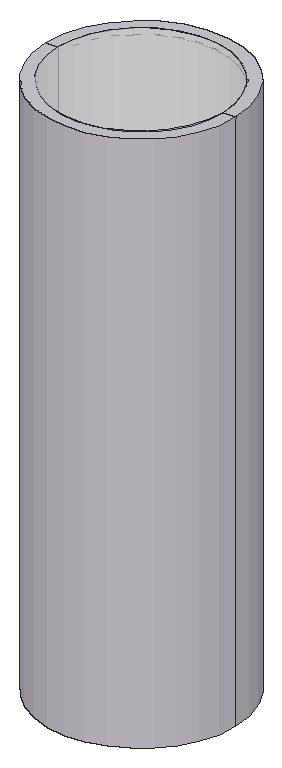
Revit family "Lighting-Surface-Amerlux-Rook 350-475", category Lighting Fixtures, host Face, Revit 2014
Parameters (values of type "3.5"")
  Wattage = 9.2903 W
  built-in parameter 1150110 = 1 (stored number, unit not read)
  Voltage = 120 V
  built-in parameter 1114217 = 1 (stored number, unit not read)
  Tilt Angle = -90.00°
  built-in parameter 1150109 = 1 (stored number, unit not read)
  built-in parameter 1150134 = 3
  built-in parameter 1150113 = 1 (stored number, unit not read)
  Power Factor = 1
  Photometric Web File = "generic"
  Number of Poles = 1
  built-in parameter 1150142 = (empty or 0)
  Model = "Rook 350/475"
  Manufacturer = "Amerlux"
  built-in parameter 1150105 = 109.82 (stored number, unit not read)
  Lumens = 1380 lm
  built-in parameter 1150115 = 1 (stored number, unit not read)
  built-in parameter 1150137 = (empty or 0)
  built-in parameter 1150139 = (empty or 0)
  Lens = yes
  built-in parameter 1150112 = 1 (stored number, unit not read)
  built-in parameter 1150114 = 1 (stored number, unit not read)
  Lamp = "LED"
  built-in parameter 1150132 = (empty or 0)
  built-in parameter 1150102 = (empty or 0)
  built-in parameter 1150107 = 3200 (stored number, unit not read)
  built-in parameter 1150138 = (empty or 0)
  built-in parameter 1150106 = 1.0982 (stored number, unit not read)
  Height = 0' - 11 1/2"
  Fixture Finish = Metal - White
  Emit from Circle Diameter = Cylinder Radius * 2  # 0' - 4"
  Emit Shape Visible in Rendering = no
  built-in parameter 1150104 = 13.8 (stored number, unit not read)
  Dimming Lamp Color Temperature Shift = <None>
  Description = "Surface Cylinder"
  Default Elevation = 4' - 0"
  Cylinder Radius = 0' - 2"
  Color Filter = 16777215
  built-in parameter 1114218 = 1 (stored number, unit not read)
  built-in parameter 1150133 = 10 (stored number, unit not read)
  Apparent Load = 0 VA
Types (3): name | Height | Emit from Circle Diameter | Cylinder Radius
  (no name) | 0' - 11 1/2" | 0' - 4" | 0' - 2"
  3.5" | 0' - 11 1/2" | 0' - 4" | 0' - 2"
  4.5" | 1' - 0 7/8" | 0' - 5" | 0' - 2 1/2"
Reference planes (in)
  plane 1 "Center (Front/Back)": y = 0
  plane 2: z = 0
  plane 3 "Center (Left/Right)": x = 0
  plane 4: z = 1.64167
  plane 5: z = 11.5
  plane 6: z = 11.5
Forms (in)
  Revolve 1, solid, material "Metal - White"
    sketch origin (0, 0, 1.25) x (1, 0, 0) y (0, 0, 1)
      loop
        line (-1.75, 10.25) -> (-2, 10.25) -> (-2, -1.25) -> (0, -1.25) -> (0, -1) -> (-1.75, -1) -> (-1.75, 10.25)
      axis (0, -1.25) -> (0, 10.25)
    angle from 0 to 360
  Extrusion 2, solid, material "Lens", visible <- "Lens"
    sketch origin (0, 0, 0) x (1, 0, 0) y (0, 1, 0)
      loop
        circle (0, 0) r 1.75
    from 11.37192 to 11.5
Lines and regions (in)
  Masking region 1
    outline origin (0, 0, 0) x (1, 0, 0) y (0, 1, 0)
      loop
        circle (0, 0) r 2
Dimensions and locks (in)
  locked: Revolve 1 sketch curve to Revolve 1 sketch curve at 0.25
  "Cylinder Radius": plane 3 "Center (Left/Right)" to Revolve 1 sketch curve
  "Height": host face to plane 5
  Extrusion 2 to imposter light = 0' - 0.12808"
  "Cylinder Radius": radius of Masking region 1 sketch curve
  aligned and locked: plane 2 to host face
  aligned and locked: level to host face
  aligned and locked: plane 3 "Center (Left/Right)" to imposter light
  aligned and locked: plane 5 to Revolve 1 sketch curve
  aligned and locked: Extrusion 2 sketch curve to Revolve 1
  aligned and locked: Extrusion 2 to Revolve 1
  aligned and locked: plane 6 to Revolve 1
  aligned and locked: plane 6 to imposter light
Automatic sketch dimensions
  host sketch curve to host sketch curve = 8' - 0"  (x2)
  Revolve 1 sketch curve to level = 0' - 0"
  Revolve 1 sketch curve to plane 3 "Center (Left/Right)" = 0' - 0"  (x2)
  Revolve 1 sketch curve to Revolve 1 sketch curve = 0' - 0 1/4"  (x2)
  plane 4 to Revolve 1 sketch curve = 0' - 4.60833"
  plane 1 "Center (Front/Back)" to Masking region 1 sketch curve = 0' - 0"
  Masking region 1 sketch curve to plane 3 "Center (Left/Right)" = 0' - 0"
Connectors (in)
  electrical at (0, 0, 0), driven by "Apparent Load", driven by "Number of Poles", driven by "Voltage", driven by "Power Factor"
    settings: on Revolve 1, index 1, voltage 120 V, apparent load 0 VA, apparent load phase1 0 VA, apparent load phase2 0 VA, apparent load phase3 0 VA, power factor 1, load classification "Other", number of poles 1, system type 31, power factor state 1, is connector primary yes, connector utility yes, sub classification motor no, connector description "Power"
